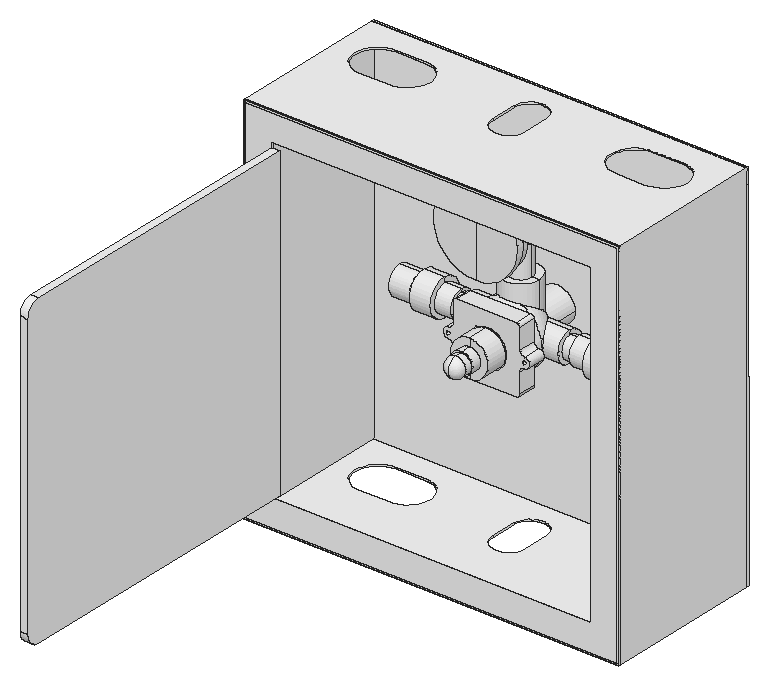
Revit family "Emergency_Valve-Tepid-SV107RB", category Pipe Accessories, Revit 2016
Family settings
  Part Type = Valve - Breaks Into
  Round Connector Dimension = Use Radius
  OmniClass Number = 23.65.55.14.17
  OmniClass Title = Adjusting/Controlling Valves for Liquid Services
  Work Plane-Based = No
  Always vertical = Yes
  Cut with Voids When Loaded = No
  Shared = No
Parameters (values of type "PIPED VALVE, CHROME PLATED, EXP CAB BWE - CABINET EXPOSED - BAKED WHITE ENAMEL")
  Version = "2016-v1.0a"  # constant formula
  Valve Material = Metal - Stingray - Chrome Plated
  Valve Length = 0' - 9 3/32"  # constant formula
  URL = "https://www.tepid.com"
  Temp. Range = "70°F-90°F"  # constant formula
  Radius = Connection Size / 2  # 0' - 0 1/4"
  Product Page URL = "https://www.tepid.com/products/sv107rb/?k"
  Product Name = "Emergency Mixing Valve"
  Product Documentation Link = "https://www.tepid.com/wp-content/uploads/SpSh-SV107.pdf"
  Overall Height = 0' - 6 59/64"  # constant formula
  Option = 2
  Open [instance] = yes
  Model = "SV107RB  PIPED VALVE, CHROME PLATED, EXP CAB BWE - CABINET EXPOSED - BAKED WHITE ENAMEL"
  Manufacturer = "Stingray Systems"  # constant formula
  K Coefficient = 77.95
  Flow Rate Maximum = 7 GPM  # constant formula
  Flow Rate = 2 GPM  # constant formula
  Dimension Disclaimer = "Dimensions are ±0.50”. Design and specifications are subject to change without notice."  # constant formula
  Description = "Emergency Mixing Valve"
  Connection Size = 1/2"  # constant formula
  Cabinet Recessed = if(Option = 1, 1 = 0, if(Option = 2, 1 = 0, if(Option = 3, 1 = 1, 1 = 0)))  # no
  Cabinet Material = Paint - Stingray - Baked White Enamel
  Cabinet Exposed = if(Option = 1, 1 = 0, if(Option = 2, 1 = 1, if(Option = 3, 1 = 0, 1 = 0)))  # yes
  COpen [instance] = if(and(CC, (Open)), 1 = 1, 1 = 0)  # yes
  CClosed [instance] = if(and(CC, not(Open)), 1 = 1, 1 = 0)  # no
  CC = if(or(Cabinet Exposed, Cabinet Recessed), 1 = 1, 1 = 0)  # yes
Types (10): name | Valve Material | Option | Model | Cabinet Recessed | Cabinet Material | Cabinet Exposed | COpen | CC
  PIPED VALVE, ROUGH BRASS | Metal - Stingray - Rough Bronze | 1 | "SV107RB  PIPED VALVE, ROUGH BRASS" | no | Paint - Stingray - Baked White Enamel | no | no | no
  PIPED VALVE, CHROME PLATED | Metal - Stingray - Chrome Plated | 1 | "SV107RB  PIPED VALVE, CHROME PLATED" | no | Paint - Stingray - Baked White Enamel | no | no | no
  PIPED VALVE, ROUGH BRASS, EXP CAB BWE - CABINET EXPOSED - BAKED WHITE ENAMEL | Metal - Stingray - Rough Bronze | 2 | "SV107RB  PIPED VALVE, ROUGH BRASS, EXP CAB BWE - CABINET EXPOSED - BAKED WHITE ENAMEL" | no | Paint - Stingray - Baked White Enamel | yes | yes | yes
  PIPED VALVE, CHROME PLATED, EXP CAB BWE - CABINET EXPOSED - BAKED WHITE ENAMEL | Metal - Stingray - Chrome Plated | 2 | "SV107RB  PIPED VALVE, CHROME PLATED, EXP CAB BWE - CABINET EXPOSED - BAKED WHITE ENAMEL" | no | Paint - Stingray - Baked White Enamel | yes | yes | yes
  PIPED VALVE, ROUGH BRASS, EXP CAB SS - CABINET EXPOSED - STAINLESS STEEL | Metal - Stingray - Rough Bronze | 2 | "SV107RB  PIPED VALVE, ROUGH BRASS, EXP CAB SS - CABINET EXPOSED - STAINLESS STEEL" | no | Metal - Stingray - Stainless Steel SS | yes | yes | yes
  PIPED VALVE, CHROME PLATED, EXP CAB SS - CABINET EXPOSED - STAINLESS STEEL | Metal - Stingray - Chrome Plated | 2 | "SV107RB  PIPED VALVE, CHROME PLATED, EXP CAB SS - CABINET EXPOSED - STAINLESS STEEL" | no | Metal - Stingray - Stainless Steel SS | yes | yes | yes
  PIPED VALVE, ROUGH BRASS, REC CAB BWE - CABINET RECESSED - BAKED WHITE ENAMEL | Metal - Stingray - Rough Bronze | 3 | "SV107RB  PIPED VALVE, ROUGH BRASS, REC CAB BWE - CABINET RECESSED - BAKED WHITE ENAMEL" | yes | Paint - Stingray - Baked White Enamel | no | yes | yes
  PIPED VALVE, CHROME PLATED, REC CAB BWE - CABINET RECESSED - BAKED WHITE ENAMEL | Metal - Stingray - Chrome Plated | 3 | "SV107RB  PIPED VALVE, CHROME PLATED, REC CAB BWE - CABINET RECESSED - BAKED WHITE ENAMEL" | yes | Paint - Stingray - Baked White Enamel | no | yes | yes
  PIPED VALVE, ROUGH BRASS, REC CAB SS - CABINET RECESSED - STAINLESS STEEL | Metal - Stingray - Rough Bronze | 3 | "SV107RB  PIPED VALVE, ROUGH BRASS, REC CAB SS - CABINET RECESSED - STAINLESS STEEL" | yes | Metal - Stingray - Stainless Steel SS | no | yes | yes
  PIPED VALVE, CHROME PLATED, REC CAB SS - CABINET RECESSED - STAINLESS STEEL | Metal - Stingray - Chrome Plated | 3 | "SV107RB  PIPED VALVE, CHROME PLATED, REC CAB SS - CABINET RECESSED - STAINLESS STEEL" | yes | Metal - Stingray - Stainless Steel SS | no | yes | yes
Reference planes (in)
  plane 1 "Center (Front/Back)": y = 0
  plane 2: z = 0
  plane 3 "Center (Left/Right)": x = 0
  plane 4: x = -4.54687
  plane 5: x = 4.54688
  plane 6: z = 5.09
  plane 7: z = 4.09
  plane 8: z = 5.67002
  plane 9: z = -1.25185
  plane 10: x = -5.99313
Forms (in)
  Revolve 1, solid, material "Metal - Stingray - Chrome Plated" <- "Valve Material", detail levels fine
    sketch origin (0, 0, 0) x (1, 0, 0) y (0, 0, 1)
      loop
        line (-4.54687, 0) -> (-0.54195, 0) -> (-0.54195, 0.56516) -> (-1.85187, 0.56516) -> (-1.85187, 0.41282) -> (-2.22687, 0.41282) -> (-2.22687, 0.50822) -> (-2.86687, 0.50822) -> (-2.86687, 0.68044) -> (-3.63094, 0.68044) -> (-3.76735, 0.52351) -> (-4.54687, 0.52351) -> (-4.54687, 0)
      loop
        line (4.54687, 0) -> (4.54687, 0.52351) -> (3.76735, 0.52351) -> (3.63094, 0.68044) -> (2.86688, 0.68044) -> (2.86688, 0.50822) -> (2.22688, 0.50822) -> (2.22688, 0.41282) -> (1.85188, 0.41282) -> (1.85188, 0.56516) -> (0.54195, 0.56516) -> (0.54195, 0) -> (4.54687, 0)
      axis (-4.54687, 0) -> (4.54687, 0)
    angle from 0 to 360
  Revolve 2, solid, material "Metal - Stingray - Chrome Plated" <- "Valve Material", detail levels fine
    sketch origin (0, 0, 0) x (1, 0, 0) y (0, 0, 1)
      loop
        line (0, 5.09) -> (-0.60073, 5.09) -> (-0.60073, 3.09) -> (-0.4205, 3.09) -> (-0.4205, 1.84) -> (-0.70007, 1.84) -> (-0.70007, 0.4394) -> (0, 0.4394) -> (0, 5.09)
      axis (0, 5.09) -> (0, 0.4394)
    angle from 0 to 360
  Revolve 3, solid, material "Metal - Stingray - Chrome Plated" <- "Valve Material", detail levels fine
    sketch origin (0, -0.57422, 0) x (1, 0, 0) y (0, 0, 1)
      loop
        arc (1.25939, 0) -> (0, 1.25939) -> (-1.25939, 0) r 1.25939
        line (-1.25939, 0) -> (1.25939, 0)
      axis (-1.25939, 0) -> (1.25939, 0)
    angle from 0 to 360
  Extrusion 4, solid, material "Metal - Stingray - Chrome Plated" <- "Valve Material", detail levels fine
    sketch origin (0, 0, 0) x (1, 0, 0) y (0, 0, 1)
      loop
        line (1.12, 1.25) -> (-1.12, 1.25)
        arc (-1.12, 1.25) -> (-1.21192, 1.21192) -> (-1.25, 1.12) r 0.13
        line (-1.25, 1.12) -> (-1.25, 0.37488)
        arc (-1.25, 0.37488) -> (-1.30555, 0.24077) -> (-1.43966, 0.18522) r 0.18966
        arc (-1.43966, 0.18522) -> (-1.62488, 0) -> (-1.43966, -0.18522) r 0.18522
        arc (-1.43966, -0.18522) -> (-1.30555, -0.24077) -> (-1.25, -0.37488) r 0.18966
        line (-1.25, -0.37488) -> (-1.25, -1.12185)
        arc (-1.25, -1.12185) -> (-1.21192, -1.21378) -> (-1.12, -1.25185) r 0.13
        line (-1.12, -1.25185) -> (1.12, -1.25185)
        arc (1.12, -1.25185) -> (1.21192, -1.21378) -> (1.25, -1.12185) r 0.13
        line (1.25, -1.12185) -> (1.25, -0.37488)
        arc (1.25, -0.37488) -> (1.30555, -0.24077) -> (1.43966, -0.18522) r 0.18966
        arc (1.43966, -0.18522) -> (1.62488, 0) -> (1.43966, 0.18522) r 0.18522
        arc (1.43966, 0.18522) -> (1.30555, 0.24077) -> (1.25, 0.37488) r 0.18966
        line (1.25, 0.37488) -> (1.25, 1.12)
        arc (1.25, 1.12) -> (1.21192, 1.21192) -> (1.12, 1.25) r 0.13
      loop
        circle (-1.43966, 0) r 0.07387
      loop
        circle (1.43966, 0) r 0.07387
    from 0.95 to 1.6
  Revolve 5, solid, material "Metal - Stingray - Chrome Plated" <- "Valve Material", detail levels fine
    sketch origin (0, 0, 0) x (0, 1, 0) y (0, 0, 1)
      loop
        line (-1.26859, 0) -> (-1.26859, 0.69017) -> (-2.418, 0.69017) -> (-2.418, 0.40682) -> (-2.79, 0.40682) -> (-2.79, 0.36033) -> (-3.0461, 0.36033)
        arc (-3.0461, 0.36033) -> (-3.3009, 0.25479) -> (-3.40644, 0) r 0.36033
        line (-3.40644, 0) -> (-1.26859, 0)
      axis (-1.26859, 0) -> (-3.40644, 0)
    angle from 0 to 360
  Revolve 6, solid, material "Metal - Stingray - Chrome Plated" <- "Valve Material", detail levels fine
    sketch origin (0, 0, 0) x (0, 1, 0) y (0, 0, 1)
      loop
        line (-2.125, 4.09) -> (0, 4.09) -> (0, 4.69087) -> (-1, 4.69087) -> (-1, 4.50997) -> (-1.28487, 4.50997) -> (-1.28487, 4.59807) -> (-1.535, 4.59807) -> (-1.535, 5.56002) -> (-1.905, 5.56002) -> (-1.905, 5.67002) -> (-2.125, 5.67002) -> (-2.125, 4.09)
      axis (0, 4.09) -> (-2.125, 4.09)
    angle from 0 to 360
  Extrusion 7, solid, material "Metal - Stingray - Chrome Plated" <- "Valve Material", detail levels fine
    sketch origin (0, 0, 0) x (0, 1, 0) y (0, 0, 1)
      loop
        line (0, 0.61938) -> (0, -0.61938) -> (1.28, -0.61938)
        arc (1.28, -0.61938) -> (1.52774, -0.51047) -> (1.64084, -0.26462) r 0.38136
        line (1.64084, -0.26462) -> (1.64084, 0.26462)
        arc (1.64084, 0.26462) -> (1.52774, 0.51047) -> (1.28, 0.61938) r 0.38136
        line (1.28, 0.61938) -> (0, 0.61938)
    from -1.13 to -0.21306
  Extrusion 8, solid, material "Metal - Stingray - Chrome Plated" <- "Valve Material", detail levels fine
    sketch origin (0, 0, 0) x (1, 0, 0) y (0, 0, 1)
      loop
        circle (0, 0) r 0.65506
    from -1.72 to 0.23223
  Extrusion 9, solid, material "Paint - Stingray - Baked White Enamel", visible <- "CC"
    sketch origin (0, 0, 0) x (1, 0, 0) y (0, 0, 1)
      loop
        line (-7.04313, 7.04072) -> (-7.04313, -7.06113) -> (7.05687, -7.06113) -> (7.05687, 7.04072) -> (-7.04313, 7.04072)
      loop
        line (-6.99313, 6.99072) -> (-6.99313, -7.01113) -> (7.00687, -7.01113) -> (7.00687, 6.99072) -> (-6.99313, 6.99072)
    from -1.87 to 4.226
  Extrusion 10, solid, material "Paint - Stingray - Baked White Enamel", visible <- "CC"
    sketch origin (0, 0, 0) x (1, 0, 0) y (0, 0, 1)
      loop
        line (-7.04313, 7.04072) -> (-7.04313, -7.06113) -> (7.05687, -7.06113) -> (7.05687, 7.04072) -> (-7.04313, 7.04072)
    from -1.87 to -1.82
  Extrusion 11, solid, material "Paint - Stingray - Baked White Enamel", visible <- "CC"
    sketch origin (0, 0, 0) x (1, 0, 0) y (0, 0, 1)
      loop
        line (-7.04313, 7.04072) -> (-7.04313, -7.06113) -> (7.05687, -7.06113) -> (7.05687, 7.04072) -> (-7.04313, 7.04072)
      loop
        line (6.00687, -6.01113) -> (6.00687, 5.99072) -> (-5.99313, 5.99072) -> (-5.99313, -6.01113) -> (6.00687, -6.01113)
    from 4.176 to 4.226
  Extrusion 12, solid, material "Paint - Stingray - Baked White Enamel", visible <- "CClosed"
    sketch origin (0, 0, 0) x (1, 0, 0) y (0, 0, 1)
      loop
        line (5.31937, 5.80322) -> (-5.99313, 5.80322) -> (-5.99313, -5.82363) -> (5.31937, -5.82363)
        arc (5.31937, -5.82363) -> (5.67293, -5.67718) -> (5.81937, -5.32363) r 0.5
        line (5.81937, -5.32363) -> (5.81937, 5.30322)
        arc (5.81937, 5.30322) -> (5.67293, 5.65677) -> (5.31937, 5.80322) r 0.5
    from 3.926 to 4.226
  Extrusion 13, void
    sketch origin (0, 0, 0) x (1, 0, 0) y (0, 1, 0)
      loop
        arc (-5.36813, 0.88) -> (-6.24813, 0) -> (-5.36813, -0.88) r 0.88
        line (-5.36813, -0.88) -> (-4.27313, -0.88)
        arc (-4.27313, -0.88) -> (-3.39313, 0) -> (-4.27313, 0.88) r 0.88
        line (-4.27313, 0.88) -> (-5.36813, 0.88)
      loop
        arc (4.28687, 0.88) -> (3.40687, 0) -> (4.28687, -0.88) r 0.88
        line (4.28687, -0.88) -> (5.38187, -0.88)
        arc (5.38187, -0.88) -> (6.26187, 0) -> (5.38187, 0.88) r 0.88
        line (5.38187, 0.88) -> (4.28687, 0.88)
      loop
        arc (-0.61313, -0.56) -> (0.00687, -1.18) -> (0.62687, -0.56) r 0.62
        line (0.62687, -0.56) -> (0.62687, 0.44)
        arc (0.62687, 0.44) -> (0.00687, 1.06) -> (-0.61313, 0.44) r 0.62
        line (-0.61313, 0.44) -> (-0.61313, -0.56)
    from -11.39928 to 11.04917
  Sweep 14, solid, material "Paint - Stingray - Baked White Enamel" <- "Cabinet Material", visible <- "Cabinet Recessed"
    path in 3D
      loop
        line (-7.04313, -4.226, -7.06113) -> (7.05687, -4.226, -7.06113) -> (7.05687, -4.226, 7.04072) -> (-7.04313, -4.226, 7.04072) -> (-7.04313, -4.226, -7.06113)
    profile origin (-7.04313, -4.226, -0.01021) x (-1, 0, 0) y (0, -1, 0)
      loop
        line (0, -1.4998) -> (0.13315, -1.4998) -> (0.13315, -0.0598) -> (2.065, -0.0598) -> (2.065, 0) -> (0, 0) -> (0, -1.4998)
  Extrusion 15, void
    sketch origin (0, 0, 0) x (1, 0, 0) y (0, 0, 1)
      loop
        arc (9.12187, 8.365) -> (8.90492, 8.88877) -> (8.38115, 9.10572) r 0.74072
        line (8.38115, 9.10572) -> (-8.38115, 9.10572)
        arc (-8.38115, 9.10572) -> (-8.90492, 8.88877) -> (-9.12187, 8.365) r 0.74072
        line (-9.12187, 8.365) -> (-9.12187, -8.36685)
        arc (-9.12187, -8.36685) -> (-8.90492, -8.89062) -> (-8.38115, -9.10757) r 0.74072
        line (-8.38115, -9.10757) -> (8.38116, -9.10757)
        arc (8.38116, -9.10757) -> (8.90492, -8.89062) -> (9.12187, -8.36685) r 0.74072
        line (9.12187, -8.36685) -> (9.12187, 8.365)
      loop
        line (-12.74877, 12.03975) -> (-12.74877, -15.4621) -> (12.75123, -15.4621) -> (12.75123, 12.03975) -> (-12.74877, 12.03975)
    from 1.6 to 7.80361
  Extrusion 16, solid, material "Paint - Stingray - Baked White Enamel", visible <- "COpen"
    sketch origin (-5.99313, -32.09908, 48.07178) x (0, 1, 0) y (0, 0, 1)
      loop
        arc (16.56058, -42.26856) -> (16.20702, -42.41501) -> (16.06058, -42.76856) r 0.5
        line (16.06058, -42.76856) -> (16.06058, -53.39541)
        arc (16.06058, -53.39541) -> (16.20702, -53.74896) -> (16.56058, -53.89541) r 0.5
        line (16.56058, -53.89541) -> (27.87308, -53.89541) -> (27.87308, -42.26856) -> (16.56058, -42.26856)
    from 0 to 0.30078
Cuts and joins
  Extrusion 13 cuts Extrusion 9
  Extrusion 15 cuts Sweep 14
Lines and regions (in)
  model lines, detail levels coarse+medium
    curve 1: line (0, 0, 0) -> (-4.54687, 0, 2.62117)
    curve 2: line (0, 0, 0) -> (-4.54687, 0, -2.62302)
    curve 3: line (-4.54687, 0, 2.62117) -> (-4.54687, 0, -2.62302)
    curve 4: line (0, 0, 0) -> (4.54688, 0, 2.62117)
    curve 5: line (0, 0, 0) -> (4.54688, 0, -2.62302)
    curve 6: line (4.54688, 0, 2.62117) -> (4.54688, 0, -2.62302)
    curve 7: line (0, 0, 0) -> (0, 0, 5.09)
  sketch lines
    curve 8: line (-7.04313, -4.226, 7.04072) -> (-7.04313, -4.226, -7.06113)
    curve 9: line (7.05687, -4.226, 7.04072) -> (-7.04313, -4.226, 7.04072)
    curve 10: line (7.05687, -4.226, -7.06113) -> (7.05687, -4.226, 7.04072)
    curve 11: line (-7.04313, -4.226, -7.06113) -> (7.05687, -4.226, -7.06113)
Dimensions and locks (in)
  equal spacing: plane 4, plane 3 "Center (Left/Right)", plane 5
  "Valve Length": plane 4 to plane 5
  locked: level to plane 2
  "Overall Height": plane 8 to plane 9
  aligned and locked: Revolve 1 sketch curve to plane 4
  aligned and locked: Revolve 1 sketch curve to level
  aligned and locked: Revolve 2 sketch curve to plane 3 "Center (Left/Right)"  (x2)
  aligned and locked: Revolve 3 sketch curve to level
  aligned and locked: Revolve 6 sketch curve to plane 7
  aligned and locked: curve 3 to plane 4
  aligned and locked: curve 6 to plane 5
Automatic sketch dimensions
  curve 2 to level = 0' - 0"
  curve 2 to plane 3 "Center (Left/Right)" = 0' - 0"
  curve 7 to plane 6 = 0' - 0"
  curve 3 to plane 9 = 0' - 1.37117"
  curve 5 to plane 9 = 0' - 1.37117"
  curve 6 to plane 7 = 0' - 1.46883"
  curve 1 to plane 7 = 0' - 1.46883"
  Revolve 1 sketch curve to level = 0' - 0"  (x2)
  Revolve 1 sketch curve to plane 5 = 0' - 0"
  plane 4 to Revolve 1 sketch curve = 0' - 0.77952"
  Revolve 1 sketch curve to Revolve 1 sketch curve = 0' - 0.13641"  (x2)
  Revolve 1 sketch curve to Revolve 1 sketch curve = 0' - 0.76406"  (x2)
  Revolve 1 sketch curve to Revolve 1 sketch curve = 0' - 0.64"  (x2)
  Revolve 1 sketch curve to Revolve 1 sketch curve = 0' - 0 3/8"  (x2)
  Revolve 1 sketch curve to plane 3 "Center (Left/Right)" = 0' - 0.54195"
  plane 3 "Center (Left/Right)" to Revolve 1 sketch curve = 0' - 0.54195"
  level to Revolve 1 sketch curve = 0' - 0.41282"  (x2)
  Revolve 1 sketch curve to Revolve 1 sketch curve = 0' - 1.30993"
  Revolve 1 sketch curve to Revolve 1 sketch curve = 0' - 0.0954"  (x2)
  level to Revolve 1 sketch curve = 0' - 0.52351"  (x2)
  Revolve 1 sketch curve to Revolve 1 sketch curve = 0' - 0 39/256"  (x2)
  Revolve 1 sketch curve to Revolve 1 sketch curve = 0' - 0.17222"
  Revolve 1 sketch curve to Revolve 1 sketch curve = 0' - 0.15692"
  Revolve 1 sketch curve to Revolve 1 sketch curve = 4' - 7.87868"
  plane 5 to Revolve 1 sketch curve = 5' - 0.80541"
  Revolve 2 sketch curve to plane 6 = 0' - 0"
  Revolve 2 sketch curve to plane 3 "Center (Left/Right)" = 0' - 0.4205"
  Revolve 2 sketch curve to Revolve 2 sketch curve = 0' - 0.60073"
  Revolve 2 sketch curve to Revolve 2 sketch curve = 0' - 0.70007"
  Revolve 2 sketch curve to plane 7 = 0' - 1"
  Revolve 2 sketch curve to Revolve 2 sketch curve = 0' - 1 1/4"
  level to Revolve 2 sketch curve = 0' - 0.4394"
  Revolve 2 sketch curve to plane 9 = 1' - 10 3/4"
  plane 8 to Revolve 2 sketch curve = 8' - 1.0488"
  Revolve 3 sketch curve to level = 0' - 0"
  Revolve 3 sketch curve to plane 3 "Center (Left/Right)" = 0' - 0"
  Revolve 3 sketch curve to plane 3 "Center (Left/Right)" = 0' - 1.25939"
  Revolve 3 sketch curve to plane 4 = 4' - 7.87868"
  plane 5 to Revolve 3 sketch curve = 5' - 0.80541"
  Extrusion 4 sketch curve to Extrusion 4 sketch curve = 0' - 0"  (x7)
  Extrusion 4 sketch curve to level = 0' - 0"  (x2)
  Extrusion 4 sketch curve to plane 9 = 0' - 0"
  level to Extrusion 4 sketch curve = 0' - 0.37488"
  Extrusion 4 sketch curve to plane 3 "Center (Left/Right)" = 0' - 1.43966"
  Extrusion 4 sketch curve to Extrusion 4 sketch curve = 0' - 0.18966"  (x3)
  plane 9 to Extrusion 4 sketch curve = 0' - 0.13"
  Extrusion 4 sketch curve to Extrusion 4 sketch curve = 0' - 0.13"  (x2)
  plane 3 "Center (Left/Right)" to Extrusion 4 sketch curve = 0' - 1.12"  (x2)
  Extrusion 4 sketch curve to level = 0' - 0.37488"  (x2)
  Extrusion 4 sketch curve to Extrusion 4 sketch curve = 0' - 0.37488"
  Extrusion 4 sketch curve to Extrusion 4 sketch curve = 0' - 0.74512"
  Revolve 5 sketch curve to level = 0' - 0"  (x2)
  plane 1 "Center (Front/Back)" to Revolve 5 sketch curve = 0' - 3.40644"
  Revolve 5 sketch curve to Revolve 5 sketch curve = 0' - 0.36033"
  Revolve 5 sketch curve to Revolve 5 sketch curve = 0' - 0.2561"
  Revolve 5 sketch curve to Revolve 5 sketch curve = 0' - 0.372"
  Revolve 5 sketch curve to Revolve 5 sketch curve = 0' - 1.14941"
  Revolve 5 sketch curve to Revolve 5 sketch curve = 0' - 0.04648"
  Revolve 5 sketch curve to Revolve 5 sketch curve = 0' - 0.69017"
  Revolve 5 sketch curve to Revolve 5 sketch curve = 0' - 9.18181"
  Revolve 5 sketch curve to Revolve 5 sketch curve = 0' - 0"
  Revolve 5 sketch curve to plane 1 "Center (Front/Back)" = 0' - 10.41176"
  Revolve 6 sketch curve to plane 8 = 0' - 0"
  Revolve 6 sketch curve to plane 7 = 0' - 0"
  Revolve 6 sketch curve to plane 1 "Center (Front/Back)" = 0' - 0"
  plane 7 to Revolve 6 sketch curve = 0' - 0.41997"
  plane 1 "Center (Front/Back)" to Revolve 6 sketch curve = 0' - 1"
  Revolve 6 sketch curve to Revolve 6 sketch curve = 0' - 0.28487"
  Revolve 6 sketch curve to plane 8 = 0' - 0.11"
  Revolve 6 sketch curve to Revolve 6 sketch curve = 0' - 0.25013"
  Revolve 6 sketch curve to Revolve 6 sketch curve = 0' - 0.37"
  Revolve 6 sketch curve to Revolve 6 sketch curve = 0' - 0.59"
  Revolve 6 sketch curve to Revolve 6 sketch curve = 0' - 0.0881"
  Revolve 6 sketch curve to plane 6 = 0' - 0.39913"
  Revolve 6 sketch curve to Revolve 6 sketch curve = 0' - 6.22009"
  Revolve 6 sketch curve to plane 1 "Center (Front/Back)" = 0' - 4"
  Extrusion 7 sketch curve to plane 1 "Center (Front/Back)" = 0' - 0"
  Extrusion 7 sketch curve to level = 0' - 0.23853"
  Extrusion 7 sketch curve to plane 1 "Center (Front/Back)" = 0' - 1.26037"
  Extrusion 7 sketch curve to Extrusion 7 sketch curve = 0' - 0"
  Extrusion 7 sketch curve to Extrusion 7 sketch curve = 0' - 0.01963"  (x2)
  Extrusion 7 sketch curve to Extrusion 7 sketch curve = 0' - 0.38046"
  Extrusion 7 sketch curve to level = 0' - 0.26462"
  level to Extrusion 7 sketch curve = 0' - 0.23853"
  level to Extrusion 7 sketch curve = 0' - 0.26462"
  Extrusion 8 sketch curve to level = 0' - 0"
  Extrusion 8 sketch curve to plane 3 "Center (Left/Right)" = 0' - 0"
  Extrusion 9 sketch curve to plane 4 = 0' - 2.49625"
  Extrusion 9 sketch curve to Extrusion 9 sketch curve = 0' - 0.05"  (x4)
  plane 5 to Extrusion 9 sketch curve = 0' - 2.46"
  Extrusion 9 sketch curve to plane 9 = 0' - 5.80928"
  plane 8 to Extrusion 9 sketch curve = 0' - 1.3207"
  Extrusion 10 sketch curve to plane 4 = 0' - 2.49625"
  plane 5 to Extrusion 10 sketch curve = 0' - 2.51"
  Extrusion 10 sketch curve to plane 9 = 0' - 5.80928"
  plane 8 to Extrusion 10 sketch curve = 0' - 1.3707"
  Extrusion 11 sketch curve to plane 4 = 0' - 2.49625"
  plane 8 to Extrusion 11 sketch curve = 0' - 0.3207"
  Extrusion 11 sketch curve to plane 4 = 0' - 1.44625"
  plane 5 to Extrusion 11 sketch curve = 0' - 1.46"
  Extrusion 11 sketch curve to Extrusion 11 sketch curve = 0' - 1.05"  (x2)
  Extrusion 11 sketch curve to plane 9 = 0' - 4.75928"
  plane 8 to Extrusion 11 sketch curve = 0' - 1.3707"
  plane 8 to Extrusion 12 sketch curve = 0' - 0.1332"
  Extrusion 12 sketch curve to plane 4 = 0' - 1.44625"
  plane 5 to Extrusion 12 sketch curve = 0' - 0.7725"  (x2)
  Extrusion 12 sketch curve to Extrusion 12 sketch curve = 0' - 0 1/2"
  Extrusion 12 sketch curve to plane 9 = 0' - 4.07178"
  plane 1 "Center (Front/Back)" to Extrusion 13 sketch curve = 0' - 0"  (x2)
  Extrusion 13 sketch curve to plane 4 = 0' - 0.82125"
  plane 4 to Extrusion 13 sketch curve = 0' - 0.27375"
  Extrusion 13 sketch curve to plane 3 "Center (Left/Right)" = 0' - 0.61313"
  plane 3 "Center (Left/Right)" to Extrusion 13 sketch curve = 0' - 0.00687"
  Extrusion 13 sketch curve to plane 5 = 0' - 0.26"
  plane 5 to Extrusion 13 sketch curve = 0' - 0.835"
  plane 1 "Center (Front/Back)" to Extrusion 13 sketch curve = 0' - 0.56"
  plane 1 "Center (Front/Back)" to Extrusion 13 sketch curve = 0' - 0.88"  (x2)
  Extrusion 13 sketch curve to plane 1 "Center (Front/Back)" = 0' - 0.44"
  Sweep 14 sketch curve to profile plane = 0' - 0"  (x2)
  profile plane to Sweep 14 sketch curve = 0' - 0.0598"
  profile plane to Sweep 14 sketch curve = 0' - 0.13315"
  Sweep 14 sketch curve to Sweep 14 sketch curve = 0' - 1.93185"
  Sweep 14 sketch curve to Sweep 14 sketch curve = 0' - 1.44"
  Extrusion 15 sketch curve to plane 4 = 0' - 8.20189"
  plane 8 to Extrusion 15 sketch curve = 0' - 2.69498"
  Extrusion 15 sketch curve to plane 4 = 0' - 4.575"
  Extrusion 15 sketch curve to Extrusion 15 sketch curve = 0' - 0.74072"  (x3)
  plane 5 to Extrusion 15 sketch curve = 0' - 3.83428"  (x2)
  Extrusion 15 sketch curve to Extrusion 15 sketch curve = 0' - 3.62936"
  Extrusion 15 sketch curve to plane 9 = 0' - 7.115"
  Extrusion 15 sketch curve to Extrusion 15 sketch curve = 0' - 6.35453"
  Extrusion 15 sketch curve to Extrusion 15 sketch curve = 0' - 3.67475"
  Extrusion 16 sketch curve to plane 9 = 0' - 4.07178"
  plane 1 "Center (Front/Back)" to Extrusion 16 sketch curve = 1' - 4.0385"
  Extrusion 16 sketch curve to Extrusion 16 sketch curve = 0' - 0 1/2"  (x2)
  plane 8 to Extrusion 16 sketch curve = 0' - 0.1332"
  plane 1 "Center (Front/Back)" to Extrusion 16 sketch curve = 0' - 4.226"
  radius of Extrusion 4 sketch curve = 0' - 0.07387"  (x2)
  radius of Extrusion 8 sketch curve = 0' - 0.65506"
Connectors (in)
  piping at (-4.54687, 0, 0), diameter 0.5, driven by "Radius"
    settings: on Revolve 1, index 1, connector inside diameter 24", connector length 0' - 0", flow factor 0, pipe flow 0 GPM, pressure drop 0.00 psi, fitting loss kfactor 0, connector angle 0.00°, fixture units 0, engagement length 0' - 0", angle of deflection 0.00°, flow configuration 0, flow direction 0, fitting loss method 0, system type 28, joint type 0, gender type 0, connector reference index -1, connector utility 0, adjustable connector no, is connector primary yes, connector description ""
  piping at (4.54687, 0, 0), diameter 0.5, driven by "Radius"
    settings: on Revolve 1, index 2, connector inside diameter 24", connector length 0' - 0", flow factor 0, pipe flow 0 GPM, pressure drop 0.00 psi, fitting loss kfactor 0, connector angle 0.00°, fixture units 0, engagement length 0' - 0", angle of deflection 0.00°, flow configuration 0, flow direction 0, fitting loss method 0, system type 28, joint type 0, gender type 0, connector reference index -1, connector utility 0, adjustable connector no, is connector primary no, connector description ""
  piping at (0, 0, 5.09), diameter 0.5, driven by "Radius"
    settings: on Revolve 2, index 3, connector inside diameter 24", connector length 0' - 0", flow factor 0, pipe flow 0 GPM, pressure drop 0.00 psi, fitting loss kfactor 0, connector angle 0.00°, fixture units 0, engagement length 0' - 0", angle of deflection 0.00°, flow configuration 0, flow direction 0, fitting loss method 0, system type 28, joint type 0, gender type 0, connector reference index -1, connector utility 0, adjustable connector no, is connector primary no, connector description ""
